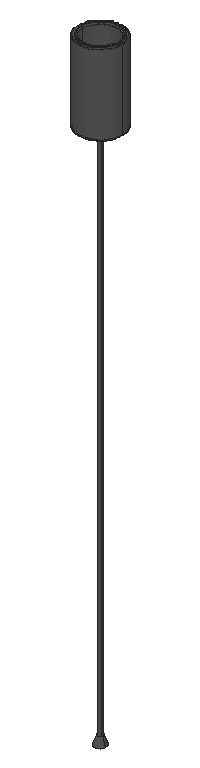
Revit family "CARLO CYLINDER LIGHT Pendant_ Surface", category Lighting Fixtures, host Face, Revit 2020 (continued)
Types (13): name | Wattage_Input | Wattage Comments | Wattage | built-in parameter 1150134 | Size 08 | Size 04 | Photometric Web File | built-in parameter 1150142 | Model | built-in parameter 1150105 | Lumens | built-in parameter 1150107 | built-in parameter 1150106 | Fixture Height | Fixture Diameter | BEAMING ANGLE | Apparent Load
    271 0.080432 0.10848 0.13662 0.17278 0.21686 0.26099 0.30918 0.36523 0.4173 \r\n 0.48146 0.54962 0.62171 0.68992 0.76611 0.84625 0.92649 1.0147 1.1029 1.1991 \r\n 1.295 1.3954 1.5157 1.644 1.7764 1.9208 2.0772 2.2456 2.4262 2.6227 \r\n 2.8352 3.0591 3.2917 3.5443 3.8049 4.0816 4.3701 4.6588 4.9674 5.2799 \r\n 5.5848 5.9175 6.2582 6.6058 6.9505 7.2991 7.6399 8.0003 8.3409 8.6775 \r\n 9.018 9.3425 9.6588 9.9594 10.263 10.547 10.82 11.096 11.34 11.581 \r\n 11.797 11.989 12.153 12.289 12.392 12.468 12.5 12.496 12.491 12.467 \r\n 12.443 12.444 12.448 12.452 12.464 12.496 12.524 12.564 12.636 12.704 \r\n 12.936 \r\n4339.1 4330.1 4331.8 4323.5 4302.1 4263.6 4211.9 4144.6 4058.7 3950.4 \r\n 3823.7 3679.5 3493.6 3281.6 3047.7 2793 2529 2267.7 2021.9 1792.8 \r\n 1576.5 1382.5 1222.6 1118.5 1014.8 943 892.81 858.04 832.74 814.22 \r\n 800.74 789.08 779.04 769.31 759.54 750.55 734.21 710.42 661.68 598.24 \r\n 522.09 444.52 359.72 279.22 201.78 136.78 95.803 55.022 46.256 39.618 \r\n 33.71 31.351 28.666 26.298 24.51 22.576 20.926 19.124 17.548 15.766 \r\n 14.265 12.588 11.139 9.6569 8.3489 7.1021 6.0068 5.0995 4.3012 3.7383 \r\n 3.2687 2.9152 2.6547 2.4776 2.3846 2.3718 2.3916 2.4831 2.472 2.4957 \r\n 2.3409 2.125 1.8171 1.4579 1.1131 0.75258 0.46735 0.21063 0.057417 0.0084205 \r\n 0.000066 0 0 0 0 0 0 0 0.0039701 0.0079773 \r\n 0.023901 0.03993 0.063907 0.0959 0.12796 0.16399 0.20393 0.2559 0.31593 0.36413 \r\n 0.4281 0.48825 0.5563 0.6284 0.7045 0.78064 0.87269 0.9527 1.0408 1.1408 \r\n 1.241 1.3372 1.4533 1.5814 1.7136 1.8578 2.014 2.1861 2.3659 2.5621 \r\n 2.7783 2.9947 3.2349 3.4833 3.7476 4.0161 4.3005 4.5969 4.9014 5.2179 \r\n 5.5217 5.858 6.1906 6.5391 6.8798 7.2244 7.573 7.9176 8.2622 8.6108 \r\n 8.9396 9.2752 9.592 9.8966 10.193 10.49 10.774 11.047 11.304 11.544 \r\n 11.773 11.973 12.137 12.278 12.394 12.471 12.511 12.539 12.559 12.56 \r\n 12.56 12.556 12.536 12.528 12.516 12.516 12.543 12.599 12.675 12.755 \r\n 12.936 \r\n4339.1 4369.5 4375.2 4376.5 4364.6 4342.1 4303.2 4242 4166.8 4067.8 \r\n 3951.9 3814.6 3632 3419 3180 2912.2 2632.7 2360.3 2103.6 1867.3 \r\n 1646.5 1443.3 1271.5 1154.6 1038.3 958.71 903.55 865.28 838.1 818.56 \r\n 803.72 791.35 780.26 770.47 761.09 752.88 739.24 722.83 679.7 619.95 \r\n 551.46 476.96 394.2 312.2 234.35 165.65 116.23 67.021 54.632 45.831 \r\n 37.305 32.98 29.832 27.649 25.612 23.584 21.96 20.349 18.679 16.948 \r\n 15.269 13.555 12.014 10.42 9.0859 7.6922 6.5076 5.4522 4.5925 3.8895 \r\n 3.3865 3.0204 2.7517 2.5584 2.4491 2.4478 2.5112 2.6426 2.6441 2.6719 \r\n 2.4819 2.2817 1.8949 1.6022 1.1277 0.84474 0.48902 0.27887 0.078418 0.0048163 \r\n 0.000044 0 0 0 0 0 0 0 0 0.00396 \r\n 0.011928 0.035791 0.059834 0.09577 0.13183 0.18376 0.22385 0.27579 0.33976 0.392 \r\n 0.45597 0.52405 0.60009 0.66831 0.74832 0.82847 0.91258 1.0084 1.0966 1.1927 \r\n 1.2889 1.4048 1.525 1.6532 1.7972 1.9494 2.1176 2.2938 2.4894 2.6976 \r\n 2.9258 3.1542 3.4024 3.6627 3.943 4.2315 4.5239 4.8323 5.1488 5.4733 \r\n 5.7931 6.1374 6.482 6.8266 7.1831 7.5279 7.8804 8.241 8.5858 8.9265 \r\n 9.2631 9.5909 9.9155 10.236 10.533 10.822 11.102 11.371 11.608 11.852 \r\n 12.081 12.277 12.453 12.598 12.726 12.827 12.895 12.932 12.964 12.972 \r\n 12.98 12.98 12.98 12.98 12.98 12.992 13.044 13.092 13.176 13.26 \r\n 12.936 \r\n4339.1 4365 4373.7 4380 4379.6 4368.2 4339.7 4289.7 4221.5 4131.2 \r\n 4021.4 3894.7 3732.9 3537.9 3305.5 3043.8 2771.5 2499.4 2238.6 1993.1 \r\n 1762 1549.2 1360.9 1205 1081.6 985.75 917.93 872.97 841.69 818.54 \r\n 800.78 786.53 774.51 764.54 755.7 749.38 743.19 727.55 698.26 647.2 \r\n 579.33 505.48 430.97 353.86 275.38 196.97 127.7 76.239 53.853 45.886 \r\n 38.742 34.272 31.268 29.118 27.047 25.064 23.203 21.582 19.76 18.04 \r\n 16.166 14.539 12.817 11.263 9.7411 8.3632 7.0621 5.9258 5.0056 4.2616 \r\n 3.67 3.2501 2.9224 2.6911 2.5721 2.5806 2.6569 2.7604 2.7683 2.7587 \r\n 2.5672 2.4642 2.053 1.8021 1.2948 0.95787 0.58715 0.34276 0.10733 0 \r\n 0 0 0 0 0.000037 0.0040821 0.012019 0.012138 0.024067 0.028198 \r\n 0.048171 0.060356 0.09238 0.12047 0.1526 0.19274 0.24083 0.28899 0.34513 0.40508 \r\n 0.46519 0.52542 0.60153 0.67369 0.74983 0.82604 0.91022 0.99842 1.0906 1.1868 \r\n 1.2788 1.383 1.4993 1.6236 1.7599 1.9003 2.0606 2.2212 2.4176 2.6141 \r\n 2.8307 3.0591 3.2951 3.5516 3.8162 4.0967 4.3735 4.682 4.9867 5.3111 \r\n 5.62 5.9606 6.3013 6.649 6.9976 7.3464 7.7069 8.0556 8.4082 8.7568 \r\n 9.1053 9.4378 9.7663 10.079 10.382 10.683 10.959 11.224 11.484 11.732 \r\n 11.957 12.181 12.369 12.525 12.669 12.781 12.864 12.913 12.96 12.968 \r\n 12.976 12.984 12.98 12.984 12.996 13.009 13.033 13.057 13.081 13.105 \r\n 12.936 \r\n4339.1 4362.4 4367.6 4374.8 4372.9 4360.3 4330.2 4283.7 4217.8 4127.9 \r\n 4022 3890.3 3731.4 3534 3316.9 3074.7 2815.1 2554.3 2290.3 2040.9 \r\n 1808.5 1587.1 1394.9 1234.2 1122.1 1010.6 934.76 881.3 843.21 816.04 \r\n 796.79 782.65 771.62 763.39 756.36 751.41 744.54 730.7 712.09 668.19 \r\n 607.18 540.73 463.8 384.46 304.14 225.53 154.88 108.54 62.457 51.637 \r\n 42.607 36.187 32.301 29.491 27.482 25.233 23.119 21.341 19.423 17.753 \r\n 15.888 14.239 12.56 11.008 9.5561 8.248 7.005 5.9569 5.0576 4.2869 \r\n 3.7474 3.3136 2.9967 2.7553 2.594 2.5208 2.5358 2.5914 2.7228 2.7203 \r\n 2.6846 2.5375 2.2148 1.9188 1.464 1.0428 0.70512 0.41999 0.18696 0.053567 \r\n 0.00057232 0 0 0 0 0 0 0 0 0 \r\n 0.007922 0.015937 0.047729 0.071859 0.10383 0.13589 0.18369 0.23573 0.28782 0.34387 \r\n 0.4079 0.47201 0.54009 0.61614 0.69228 0.76445 0.84848 0.93636 1.0245 1.1166 \r\n 1.2167 1.3209 1.429 1.557 1.6852 1.8214 1.9854 2.1457 2.3333 2.5335 \r\n 2.7418 2.958 3.1982 3.4465 3.7148 3.9912 4.2717 4.568 4.8765 5.1811 \r\n 5.4967 5.829 6.1696 6.5221 6.8707 7.2273 7.58 7.9366 8.2813 8.6259 \r\n 8.9706 9.3024 9.6152 9.9396 10.244 10.533 10.818 11.086 11.343 11.588 \r\n 11.812 12.029 12.221 12.389 12.526 12.634 12.727 12.799 12.832 12.848 \r\n 12.86 12.86 12.86 12.86 12.86 12.848 12.84 12.84 12.876 12.943 \r\n 12.936 \r\n4339.1 4352.2 4358.5 4361.7 4358 4344.3 4313.4 4270.2 4204.8 4118.1 \r\n 4012.6 3885.2 3733.4 3553.7 3348.5 3117.8 2874.5 2624.1 2373.7 2131.5 \r\n 1894.1 1671.4 1471.1 1298.6 1161.4 1051.1 968.08 905.33 861.97 830.48 \r\n 807.48 791.46 779.53 769.55 760.58 753.03 745.54 738.38 721.42 695.21 \r\n 645.96 581.61 508.42 427.25 345.42 267.14 188.96 122.42 74.114 54.314 \r\n 45.785 37.877 32.69 29.754 27.591 25.478 23.253 21.403 19.626 17.74 \r\n 15.96 14.159 12.541 11.051 9.6332 8.2918 7.0827 6.0143 5.1376 4.3735 \r\n 3.7577 3.2818 2.9099 2.6221 2.4182 2.2588 2.1634 2.1599 2.224 2.2844 \r\n 2.3793 2.3273 2.2846 1.9615 1.7852 1.1999 0.99424 0.53886 0.27479 0.063588 \r\n 0 0 0 0 0.000037 0.0040442 0.0080514 0.012019 0.012108 0.02413 \r\n 0.036184 0.052213 0.068275 0.088416 0.12058 0.16459 0.2008 0.25286 0.30106 0.36101 \r\n 0.42112 0.48135 0.55742 0.62561 0.70172 0.77395 0.85811 0.94222 1.0225 1.1187 \r\n 1.2146 1.3108 1.4151 1.5315 1.6637 1.7961 1.9444 2.1048 2.2733 2.4658 \r\n 2.6702 2.8828 3.1107 3.3553 3.6159 3.8923 4.1611 4.4656 4.7624 5.0869 \r\n 5.4035 5.7242 6.0609 6.4046 6.7572 7.1058 7.4506 7.8112 8.1597 8.5043 \r\n 8.845 9.1855 9.518 9.8384 10.142 10.443 10.727 10.999 11.272 11.52 \r\n 11.764 11.993 12.201 12.377 12.541 12.661 12.765 12.841 12.896 12.896 \r\n 12.896 12.888 12.864 12.84 12.84 12.848 12.86 12.885 12.941 13.008 \r\n 12.936 \r\n4339.1 4341.3 4346.5 4342.2 4335.5 4320 4284 4232.3 4160 4073.6 \r\n 3955.9 3824.5 3675.9 3504.3 3306.7 3088.4 2851.9 2611.9 2367.8 2132.8 \r\n 1902.6 1685.1 1487.5 1316.5 1166.7 1068.1 981.09 915.03 867.22 832.69 \r\n 808.41 791.01 777.84 767.86 759.04 750.7 742.41 733.78 717.81 697.76 \r\n 657.46 595.06 518.39 437.54 356.25 277.98 199.22 127.93 77.701 54.483 \r\n 46.503 38.55 32.606 29.574 27.226 25.06 22.943 21.037 19.249 17.422 \r\n 15.702 13.987 12.419 10.915 9.5669 8.2838 7.1322 6.093 5.1622 4.3712 \r\n 3.7523 3.2858 2.9014 2.6077 2.3785 2.1857 2.0448 1.9283 1.8478 1.7795 \r\n 1.7827 1.8264 1.926 1.7965 1.7117 1.2437 1.0638 0.56675 0.32326 0.11848 \r\n 0.021088 0.00021523 0 0 0 0 0 0 0 0 \r\n 0 0.007924 0.027827 0.047864 0.071865 0.1197 0.15184 0.19972 0.25572 0.31182 \r\n 0.37585 0.436 0.50007 0.57211 0.64424 0.7243 0.80841 0.88838 0.97248 1.0685 \r\n 1.1686 1.2609 1.3649 1.485 1.6052 1.7452 1.8895 2.0456 2.2292 2.4095 \r\n 2.6136 2.8298 3.07 3.3025 3.5587 3.831 4.1194 4.4158 4.7282 5.0328 \r\n 5.3603 5.6928 6.0294 6.3739 6.7265 7.0751 7.4238 7.7764 8.129 8.4737 \r\n 8.8144 9.158 9.4789 9.7995 10.116 10.405 10.697 10.97 11.235 11.491 \r\n 11.74 11.968 12.18 12.357 12.518 12.646 12.759 12.823 12.876 12.904 \r\n 12.912 12.912 12.892 12.849 12.812 12.776 12.776 12.784 12.824 12.899 \r\n 12.936 \r\n" | "CCL6-08-30SPSW8-40-PSM-BK" | 2406.2 (stored number, unit not read) | 2400 lm | 3000 (stored number, unit not read) | 24.062 (stored number, unit not read) | 0' - 8 171/256" | 0' - 6" | 40.00° | 30 VA
